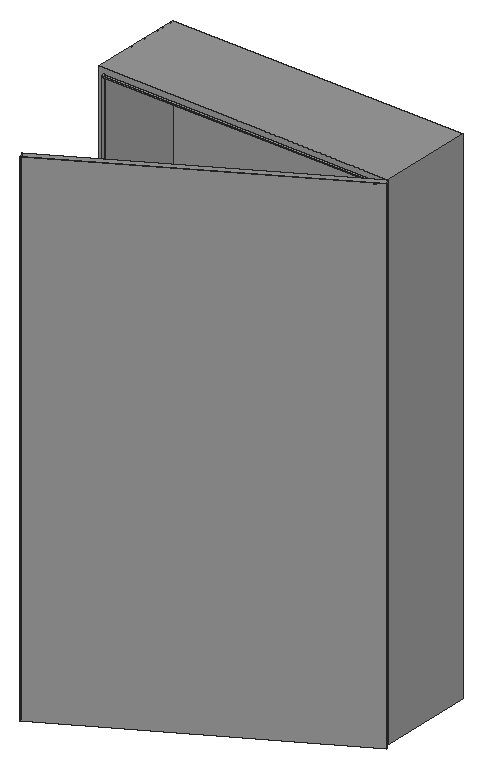
Revit family "Hager-Univers-IP55-D275-H1400-Cl.I-Steel_encl-NoHosted-SE-en", category Equipement électrique, Revit 2020
Family settings
  Configuration du panneau = Deux colonnes, circuits au sein
  Cote de connecteur circulaire = Utiliser le diamètre
  Type d'élément = Tableau de raccordement
  Basée sur le plan de construction = Oui
  Toujours verticalement = Oui
  Couper avec des vides une fois chargée = Non
  Partagée = Non
  Point de calcul de pièce = Non
Parameters (values of type "Surface mounted (plaster) IP55 W800 H1400 D275  - FR93E")
  Width Control [instance] = if([EF000008 - Width] > Min Width, [EF000008 - Width], Min Width)  # 800 mm
  Commentaires du type = [HG000003 - Range]  # "Univers"
  Thickness Door [instance] = if([EF009171 - Material plate thickness door/cover] > 3 mm, 3 mm, [EF009171 - Material plate thickness door/cover])  # 1.5 mm
  Seal Frame Offset [instance] = 17 mm  # constant formula
  Plinth Visibility [instance] = [HG000027 - Plinth height] > 0 mm  # no
  Min Width [instance] = 100 mm  # constant formula
  Min Depth [instance] = (2 * [EF009170 - Material plate thickness cabinet]) + 1 mm  # 4 mm
  Min Height [instance] = 100 mm  # constant formula
  Internal Frame Depth [instance] = (Door System Depth * 0.5)  # 9 mm
  Panel Name [instance] = ""  # (empty or 0)
  Model = ""
  HG000027 - Plinth height = 0 mm
  HG000026 - Floor standing = no
  HG000024 - Bottom section height = 600 mm
  HG000023 - Double section enclosure = no
  HG000016 - Door 3d visibility [instance] = yes
  HG000015 - Clearance visibility [instance] = no
  HG000014 - Door on the right [instance] = yes
  HG000013 - Door on the left [instance] = not([HG000014 - Door on the right])  # no
  HG000012 - Door swing angle [instance] = 30.00°
  HG000010 - Asymmetric doors = no
  HG000009 - Double swing door = no
  HG000006 - Flush mounted = no
  HG000004 - Manufacturer reference = "FR93E"
  HG000003 - Range = "Univers"
  HG000002 - With door or cover = yes
  Frame Offset Bottom [instance] = 10 mm  # constant formula
  Frame Offset [instance] = 15 mm  # constant formula
  EF015940 - Cover with overpressure release = no
  EF011959 - Degree of protection (NEMA) = ""
  EF009554 - Number of openings for flange plates = 6
  EF009212 - Cover model = "EV000116 - Closed"
  EF009171 - Material plate thickness door/cover = 1.5 mm
  EF009170 - Material plate thickness cabinet = 1.5 mm
  EF008873 - Nominal current (In) = 800 A
  EF007800 - Suitable for lightning protection = no
  EF006306 - With lock = no
  EF006244 - Transparent cover/door = no
  EF005474 - Degree of protection (IP) = "EV006420 - IP55"
  EF004464 - Type of door = "EV002646 - Single"
  EF004427 - Number of modules = 324
  EF004293 - Impact strength = "EV008784 - IK10"
  EF003532 - Suitable for outdoor use = no
  EF002950 - Width in number of modular spacings = 24
  EF001613 - Circuit integrity = "EV000494 - None"
  EF001596 - Material housing = "EV000179 - Steel"
  EF001131 - Internal depth = 275 mm
  EF001088 - Extension possible = yes
  EF000437 - Number of conduit inlets = 6
  EF000339 - Type of cover = "EV004216 - Door"
  EF000266 - Number of rows = 9
  EF000218 - Built-in depth = 0 mm
  EF000118 - With mounting plate = no
  EF000116 - RAL-number = "7035"
  EF000049 - Depth = 275 mm
  EF000040 - Height = 1400 mm
  EF000008 - Width = 800 mm
  EF000007 - Colour = "EV000270 - Grey"
  EF000003 - Mounting method = "EV000384 - Surface mounted (plaster)"
  Door System Leaf Tolerance [instance] = 1.5 mm  # constant formula
  Door System Depth [instance] = 18 mm  # constant formula
  Door Height [instance] = Height Control - [HG000027 - Plinth height]  # 1400 mm
  Description = ""
  Default Elevation = 1219.2 mm
  Connector Offset [instance] = Height Control / 2  # 700 mm
  Fabricant = "Hager"  # constant formula
  Height Control [instance] = if([EF000040 - Height] > Min Height, [EF000040 - Height], Min Height)  # 1400 mm
  Depth Control [instance] = if([EF000049 - Depth] > Min Depth, [EF000049 - Depth], Min Depth)  # 275 mm
  Bottom Top Plate Trim [instance] = 1.5 mm  # constant formula
  Plinth height Ctrl [instance] = if([HG000027 - Plinth height] > 0 mm, [HG000027 - Plinth height], 12 mm)  # 12 mm
Types (5, lengths in mm): name | Width Control | HG000010 - Asymmetric doors | HG000009 - Double swing door | HG000004 - Manufacturer reference | EF009554 - Number of openings for flange plates | EF004464 - Type of door | EF004427 - Number of modules | EF000437 - Number of conduit inlets | EF000008 - Width
  Surface mounted (plaster) IP55 W1050 H1400 D275  - FR94E | 1050 | no | yes | "FR94E" | 8 | "EV003602 - Double" | 432 | 8 | 1050
  Surface mounted (plaster) IP55 W1300 H1400 D275  - FR95E | 1300 | yes | yes | "FR95E" | 10 | "EV003602 - Double" | 540 | 10 | 1300
  Surface mounted (plaster) IP55 W300 H1400 D275  - FR91E | 300 | no | no | "FR91E" | 2 | "EV002646 - Single" | 108 | 2 | 300
  Surface mounted (plaster) IP55 W550 H1400 D275  - FR92E | 550 | no | no | "FR92E" | 4 | "EV002646 - Single" | 216 | 4 | 550
  Surface mounted (plaster) IP55 W800 H1400 D275  - FR93E | 800 | no | no | "FR93E" | 6 | "EV002646 - Single" | 324 | 6 | 800
Reference planes
  plane 1 "Center (Front/Back)": y = 0
  plane 2: z = 0
  plane 3 "Center (Left/Right)": x = 0
  plane 4: y = 0
  plane 5: y = 0
  plane 6: z = 0
  plane 7: x = -400
  plane 8: x = 400
  plane 9: x = 398.5
  plane 10: x = -398.5
  plane 11: z = 0
  plane 12: z = 1.5
  plane 13: y = -275
  plane 14: y = -1.5
  plane 15: x = 0
  plane 16: y = -257
  plane 17: y = -273.5
  plane 18: y = -255.5
  plane 19: x = -383.5
  plane 20: x = 383.5
  plane 21: z = 11.5
  plane 22: x = -383
  plane 23: x = 383
  plane 24: z = 0
  plane 25: z = 1400
  plane 26: z = 1400
  plane 27: z = 1383.5
  plane 28: z = 1398.5
Forms (mm)
  Extrusion 1, solid, material "Hager_Steel_RAL7035_Light_Grey", detail levels medium+fine
    sketch origin (-208.679, -4572, 0) x (-1, 0, 0) y (0, -1, 0)
      loop
        line (191.321, -4315) -> (-608.679, -4315) -> (-608.679, -4572) -> (191.321, -4572) -> (191.321, -4315)
    from 0 to 1400
  Extrusion 2, void
    sketch origin (-350.771, -275, 1219.2) x (1, 0, 0) y (0, 0, 1)
      loop
        line (-47.729, 179.3) -> (-47.729, -1217.7) -> (749.271, -1217.7) -> (749.271, 179.3) -> (-47.729, 179.3)
    from -19.5 to -273.5
  Extrusion 3, void
    sketch origin (-290.084, -257, 1219.2) x (1, 0, 0) y (0, 0, 1)
      loop
        line (-93.416, -1207.7) -> (673.584, -1207.7) -> (673.584, 164.3) -> (-93.416, 164.3) -> (-93.416, -1207.7)
    from 0 to -1.5
  Extrusion 4, solid, material "Hager_Steel_RAL7035_Light_Grey", visible <- "Plinth Visibility", detail levels medium+fine
    sketch origin (0, 0, 0) x (1, 0, 0) y (0, 1, 0)
      loop
        line (-400, 0) -> (-400, -257) -> (400, -257) -> (400, 0) -> (-400, 0)
    from 0 to 12 <- "Plinth height Ctrl"
  Extrusion 5, solid, material "Hager_Steel_RAL7035_Light_Grey", detail levels coarse
    sketch origin (0, 0, 0) x (1, 0, 0) y (0, 1, 0)
      loop
        line (-400, 0) -> (-400, -275) -> (400, -275) -> (400, 0) -> (-400, 0)
    from 0 to 1400 <- "Height Control"
  Sweep 6, void
    path in 3D
      loop
        line (-400, -257, 12) -> (400, -257, 12) -> (400, 0, 12) -> (-400, 0, 12) -> (-400, -257, 12)
    profile origin (-400, -128.5, 12) x (1, 0, 0) y (0, 0, 1)
      loop
        line (0, 0) -> (0, -1.5) -> (1.5, -1.5)
        arc (1.5, -1.5) -> (1.061, -0.439) -> (0, 0) r 1.5
  Extrusion 7, solid, material "Hager_Steel_RAL7035_Light_Grey", detail levels fine
    sketch origin (-400, -257, 0) x (1, 0, 0) y (0, 0, 1)
      loop
        line (16.5, 11.5) -> (783.5, 11.5) -> (783.5, 1383.5) -> (16.5, 1383.5) -> (16.5, 11.5)
      loop
        line (15, 10) -> (785, 10) -> (785, 1385) -> (15, 1385) -> (15, 10)
    from 0 to 9 <- "Internal Frame Depth"
Cuts and joins
  Extrusion 2, Extrusion 3 cuts Extrusion 1
  Sweep 6 cuts Extrusion 4
Lines and regions (mm)
  Masking region 1
    outline origin (0, 0, 0) x (1, 0, 0) y (0, 1, 0)
      loop
        line (-400, 0) -> (-400, -275) -> (400, -275) -> (400, 0) -> (-400, 0)
  Masking region 2, detail levels coarse
    outline origin (-290.084, -257, 1219.2) x (-1, 0, 0) y (0, 0, 1)
      loop
        line (-690.084, -1219.2) -> (109.916, -1219.2) -> (109.916, 180.8) -> (-690.084, 180.8) -> (-690.084, -1219.2)
  Masking region 3, detail levels coarse
    outline origin (0, 0, 0) x (0, 1, 0) y (0, 0, 1)
      loop
        line (0, 0) -> (0, 1400) -> (-275, 1400) -> (-275, 0) -> (0, 0)
  Masking region 4, visible <- "Plinth Visibility", detail levels medium+fine
    outline origin (0, 0, 0) x (0, 1, 0) y (0, 0, 1)
      loop
        line (-1.5, 12) -> (-255.5, 12)
        arc (-255.5, 12) -> (-255.939, 10.939) -> (-257, 10.5) r 1.5
        line (-257, 10.5) -> (-257, 0) -> (0, 0) -> (0, 10.5)
        arc (0, 10.5) -> (-1.061, 10.939) -> (-1.5, 12) r 1.5
  Masking region 5, detail levels medium+fine
    outline origin (0, 0, 594.038) x (0, 1, 0) y (0, 0, 1)
      loop
        line (0, -594.038) -> (0, 805.962) -> (-257, 805.962) -> (-257, -594.038) -> (0, -594.038)
  Masking region 6, detail levels medium+fine
    outline origin (-359.7, -257, 1211.883) x (-1, 0, 0) y (0, 0, 1)
      loop
        line (-759.7, -1211.883) -> (40.3, -1211.883) -> (40.3, 188.117) -> (-759.7, 188.117) -> (-759.7, -1211.883)
  Masking region 7, visible <- "Plinth Visibility", detail levels medium+fine
    outline origin (-320.334, -257, 1041.368) x (-1, 0, 0) y (0, 0, 1)
      loop
        line (-720.334, -1041.368) -> (79.666, -1041.368) -> (79.666, -1030.868)
        arc (79.666, -1030.868) -> (78.606, -1030.429) -> (78.166, -1029.368) r 1.5
        line (78.166, -1029.368) -> (-718.834, -1029.368)
        arc (-718.834, -1029.368) -> (-719.273, -1030.429) -> (-720.334, -1030.868) r 1.5
        line (-720.334, -1030.868) -> (-720.334, -1041.368)
  sketch lines
    curve 1: line (-400, 0, 12) -> (-400, -257, 12)
    curve 2: line (-400, -257, 12) -> (400, -257, 12)
    curve 3: line (400, 0, 12) -> (-400, 0, 12)
    curve 4: line (400, -257, 12) -> (400, 0, 12)
Dimensions and locks
  locked: plane 1 "Center (Front/Back)" to plane 5
  "EF009170 - Material plate thickness cabinet": plane 7 to plane 10
  "EF009170 - Material plate thickness cabinet": plane 8 to plane 9
  equal spacing: plane 7, plane 3 "Center (Left/Right)", plane 8
  "Width Control": plane 7 to plane 8
  "Depth Control": plane 4 to plane 13
  "EF009170 - Material plate thickness cabinet": plane 4 to plane 14
  "Height Control": plane 25 to level
  "HG000027 - Plinth height": plane 11 to level
  "EF009170 - Material plate thickness cabinet": plane 12 to plane 11
  "EF009170 - Material plate thickness cabinet": plane 17 to plane 13
  "EF009170 - Material plate thickness cabinet": plane 18 to plane 16
  "Frame Offset Bottom": plane 21 to plane 12
  "Frame Offset": plane 10 to plane 19
  "Frame Offset": plane 9 to plane 20
  "Door System Depth": plane 16 to plane 13
  "Seal Frame Offset": plane 7 to plane 22
  "Seal Frame Offset": plane 8 to plane 23
  "EF009170 - Material plate thickness cabinet": plane 26 to plane 28
  "Frame Offset": plane 28 to plane 27
  "Connector Offset": plane 2 to connector elem
  "Bottom Top Plate Trim": profile plane to Sweep 6 sketch curve
  "Bottom Top Plate Trim": Sweep 6 sketch curve to Sweep 6 sketch curve
  "Plinth height Ctrl": Masking region 4 sketch curve to level
  "Plinth height Ctrl": Masking region 7 sketch curve to level
  "Thickness Door": Extrusion 7 sketch curve to Extrusion 7 sketch curve  (x4)
  "Bottom Top Plate Trim": radius of Sweep 6 sketch curve
  "Bottom Top Plate Trim": radius of Masking region 4 sketch curve  (x2)
  "Bottom Top Plate Trim": radius of Masking region 7 sketch curve  (x2)
  aligned and locked: Extrusion 2 sketch curve to plane 12
  aligned and locked: Extrusion 2 sketch curve to plane 9
  aligned and locked: Extrusion 2 sketch curve to plane 10
  aligned and locked: Extrusion 2 to plane 14
  aligned and locked: Extrusion 1 sketch curve to plane 4
  aligned and locked: plane 8 to Extrusion 1 sketch curve
  aligned and locked: plane 7 to Extrusion 1 sketch curve
  aligned and locked: Extrusion 2 to plane 18
  aligned and locked: Extrusion 3 sketch curve to plane 19
  aligned and locked: plane 20 to Extrusion 3 sketch curve
  aligned and locked: Extrusion 3 to Extrusion 2
  aligned and locked: Extrusion 3 sketch curve to plane 21
  aligned and locked: plane 3 "Center (Left/Right)" to nested 1
  aligned and locked: Extrusion 1 sketch curve to plane 16
  aligned and locked: Extrusion 4 sketch curve to cut or joined group of Extrusion 1, Extrusion 2, Extrusion 3
  aligned and locked: Masking region 1 sketch curve to plane 7
  aligned and locked: Masking region 1 sketch curve to plane 5
  aligned and locked: Masking region 1 sketch curve to plane 8
  aligned and locked: Masking region 2 sketch curve to level
  aligned and locked: level to Masking region 3 sketch curve
  aligned and locked: plane 1 "Center (Front/Back)" to Masking region 3 sketch curve
  aligned and locked: plane 13 to Masking region 3 sketch curve
  aligned and locked: plane 5 to Masking region 4 sketch curve
  aligned and locked: Masking region 2 sketch curve to plane 8
  aligned and locked: Masking region 2 sketch curve to plane 7
  aligned and locked: plane 7 to nested 2
  aligned and locked: nested 2 to plane 5
  aligned and locked: plane 5 to Masking region 5 sketch curve
  aligned and locked: plane 26 to Masking region 5 sketch curve
  aligned and locked: Extrusion 5 sketch curve to plane 8
  aligned and locked: Extrusion 5 sketch curve to plane 7
  aligned and locked: Extrusion 5 sketch curve to plane 5
  aligned and locked: Extrusion 3 sketch curve to plane 27
  aligned and locked: Extrusion 2 sketch curve to plane 28
  aligned and locked: Masking region 2 to plane 25
  aligned and locked: Extrusion 4 to plane 16
  aligned and locked: profile plane to Sweep 6 sketch curve
  aligned and locked: Masking region 5 sketch curve to plane 24
  aligned and locked: level to Masking region 4 sketch curve
  aligned and locked: Masking region 1 to plane 13
  aligned and locked: nested 1 to plane 16
  aligned and locked: Masking region 3 to plane 25
  aligned and locked: plane 16 to Masking region 4 sketch curve
  aligned and locked: Masking region 5 sketch curve to plane 16
  aligned and locked: plane 24 to plane 11
  aligned and locked: plane 26 to plane 25
  aligned and locked: plane 26 to cut or joined group of Extrusion 1, Extrusion 2, Extrusion 3
  aligned and locked: nested 1 to plane 24
  aligned and locked: Extrusion 1 to Extrusion 3
  aligned and locked: Masking region 6 sketch curve to plane 8
  aligned and locked: Masking region 6 sketch curve to plane 24
  aligned and locked: Masking region 6 sketch curve to plane 7
  aligned and locked: Masking region 6 sketch curve to plane 26
  aligned and locked: Masking region 7 sketch curve to plane 7
  aligned and locked: level to Masking region 7 sketch curve
  aligned and locked: Masking region 7 sketch curve to plane 8
  aligned and locked: Extrusion 7 sketch curve to cut or joined group of Extrusion 1, Extrusion 2, Extrusion 3  (x4)
Automatic sketch dimensions
  plane 19 to Extrusion 3 sketch curve = 0 mm
  Extrusion 3 sketch curve to plane 20 = 0 mm
  Extrusion 3 sketch curve to plane 21 = 0 mm
  Extrusion 4 sketch curve to plane 7 = 0 mm
  Extrusion 4 sketch curve to plane 8 = 0 mm
  Extrusion 4 sketch curve to plane 16 = 0 mm
  Masking region 1 sketch curve to plane 13 = 0 mm
  Masking region 2 sketch curve to plane 25 = 0 mm
  Masking region 3 sketch curve to plane 25 = 0 mm
  Extrusion 5 sketch curve to plane 13 = 0 mm
  profile plane to Sweep 6 sketch curve = 0 mm
Nested families
  nested 1: "EC000058_Univers_Door" at (0, -257, 0), Double <- "HG000009 - Double swing door", Transparent <- "EF006244 - Transparent cover/door", Angle <- "HG000012 - Door swing angle", Door_Right <- "HG000014 - Door on the right", Assymetrical <- "HG000010 - Asymmetric doors", Door <- "HG000002 - With door or cover", Width_Ctrl <- "Width Control", 3d_Door <- "HG000016 - Door 3d visibility", Clearance <- "HG000015 - Clearance visibility", Door_Left <- "HG000013 - Door on the left", Width <- "Width Control", Door_Depth <- "Door System Depth", Leaf_Tolerance <- "Door System Leaf Tolerance", Height <- "Door Height", Lock_Visibility <- "EF006306 - With lock", Thickness <- "Thickness Door", type "EC000058_Univers_Door", detail levels medium+fine
    with min_wh 4 mm, Width_Ctrl 800 mm, Width 800 mm, Transparent no, Thickness 1.5 mm, Seal_Material Hager_Rubber, Lock_Visibility no, Lock_Material Hager_Plastic_RAL9005_Jet_Black, Leaf_Width 800 mm, Leaf_Tolerance_External_Sides 0 mm, Leaf_Tolerance 1.5 mm, Leaf_Offset 0 mm, Leaf_Height 1397 mm, Leaf_2_Width 800 mm, Leaf_2_Offset 400 mm, Leaf_1_Width 800 mm, Leaf_1_Offset 400 mm, Height_Ctrl 1400 mm, Height 1400 mm, Glass_Material Hager_Glass, Double_Clearance_Ctrl no, Double no, Door_Right_Ctrl yes, Door_Right yes, Door_Material Hager_Steel_RAL7035_Light_Grey, Door_Left_Ctrl no, Door_Left no, Door_Depth 18 mm, Door yes, Clearance_Material Hager_Clearance, Clearance_Depth 800 mm, Clearance_Ctrl no, Clearance no, Assymetrical no, Angle 30.00°, 3d_Door yes
  nested 2: "Hager_Enclosure_Symbol" at (-400, 0, 0), Height <- "Depth Control", Width <- "Width Control", type "Hager_Enclosure_Symbol"
    with Width_Ctrl 800 mm, Width 800 mm, Height_Ctrl 275 mm, Height 275 mm, A_Width_Int 18.047 mm, A_Width 216.562 mm, A_Height_Ctrl 240.625 mm, A_Height 240.625 mm
Connectors
  electrical at (0, 0, 700)
    settings: on plane 1 "Center (Front/Back)", index 1, voltage 0 V, apparent load 0 VA, apparent load phase1 0 VA, apparent load phase2 0 VA, apparent load phase3 0 VA, power factor 1, load classification "Other", number of poles 1, system type 30, power factor state 1, is connector primary yes, connector utility no, sub classification motor no, connector description ""
Definition of nested family "EC000058_Univers_Door"
  Parameters (values of type "EC000058_Univers_Door")
    min_wh [instance] = (2 * Thickness) + 1 mm  # 11 mm
    Width_Ctrl [instance] = 400 mm
    Width [instance] = 500 mm
    Transparent [instance] = yes
    Thickness [instance] = 5 mm
    Seal_Material [instance] = none
    Lock_Visibility [instance] = yes
    Lock_Material [instance] = none
    Leaf_Width [instance] = if((Width_Ctrl - 2 * Leaf_Tolerance_External_Sides) > 0 mm, (Width_Ctrl - 2 * Leaf_Tolerance_External_Sides), min_wh)  # 400 mm
    Leaf_Tolerance_External_Sides [instance] = 0 mm  # constant formula
    Leaf_Tolerance [instance] = 1.5 mm
    Leaf_Offset [instance] = 0 mm  # constant formula
    Leaf_Height [instance] = if((Height_Ctrl - 2 * Leaf_Tolerance) > 0 mm, (Height_Ctrl - 2 * Leaf_Tolerance), min_wh)  # 497 mm
    Leaf_2_Width [instance] = if(and(and(Double, Assymetrical), Door_Left), (Leaf_Width / 3) - (Leaf_Tolerance / 2), if(and(and(Double, Assymetrical), Door_Right), (Leaf_Width / 3) * 2 - (Leaf_Tolerance / 2), if(and(Double, not(Assymetrical)), (Leaf_Width / 2) - Leaf_Tolerance, Leaf_Width)))  # 400 mm
    Leaf_2_Offset [instance] = if(and(Double, Assymetrical), Leaf_2_Width / 2, if(and(Double, not(Assymetrical)), Leaf_Width / 4, Leaf_Width / 2))  # 200 mm
    Leaf_1_Width [instance] = if(and(and(Double, Assymetrical), Door_Right), (Leaf_Width / 3) - (Leaf_Tolerance / 2), if(and(and(Double, Assymetrical), Door_Left), (Width / 3) * 2 - (Leaf_Tolerance / 2), if(and(Double, not(Assymetrical)), (Leaf_Width / 2) - Leaf_Tolerance, Leaf_Width)))  # 400 mm
    Leaf_1_Offset [instance] = if(and(Double, Assymetrical), Leaf_1_Width / 2, if(and(Double, not(Assymetrical)), Leaf_Width / 4, Leaf_Width / 2))  # 200 mm
    Height_Ctrl [instance] = if(Height > min_wh, Height, min_wh)  # 500 mm
    Height [instance] = 500 mm
    Glass_Material [instance] = none
    Double_Clearance_Ctrl [instance] = and(Double, Clearance)  # no
    Double [instance] = no
    Door_Right_Ctrl [instance] = and(or(Door_Right, Double), Door)  # yes
    Door_Right [instance] = yes
    Door_Material [instance] = none
    Door_Left_Ctrl [instance] = and(or(Door_Left, Double), Door)  # no
    Door_Left [instance] = no
    Door_Depth [instance] = 30 mm
    Door [instance] = yes
    Default Elevation = 1219.2 mm
    Clearance_Material [instance] = none
    Clearance_Depth [instance] = if(Leaf_1_Width > Leaf_2_Width, Leaf_1_Width, Leaf_2_Width)  # 400 mm
    Clearance_Ctrl [instance] = and(not(Double), Clearance)  # yes
    Clearance [instance] = yes
    Assymetrical [instance] = yes
    Angle [instance] = 30.00°
    3d_Door [instance] = yes
  Reference planes
    plane 1 "Center (Front/Back)": y = 0
    plane 2 "Bottom": z = 0
    plane 3 "Center (Left/Right)": x = 0
    plane 4: z = 500
    plane 5: x = -200
    plane 6: x = 200
    plane 7: z = 500
    plane 8: x = -200
    plane 9: z = 0
    plane 10: x = 200
    plane 11: y = 0
    plane 12: z = 1.5
    plane 13: x = -600
    plane 14: y = -400
    plane 15: x = 600
    plane 16: x = 0
    plane 17: x = 0
    plane 18: x = -200
    plane 19: x = 200
    plane 20: z = 498.5
  Forms (mm)
    Extrusion 1, solid, material <- "Clearance_Material", visible <- "Double_Clearance_Ctrl"
      sketch origin (1200, 0, 0) x (1, 0, 0) y (0, 0, -1)
        loop
          line (-1800, -498.5) -> (-600, -498.5) -> (-600, 0) -> (-1800, 0) -> (-1800, -498.5)
      from 0 to -400
  Dimensions and locks
    equal spacing: plane 5, plane 3 "Center (Left/Right)", plane 6
    "Width_Ctrl": plane 5 to plane 6
    "Leaf_Offset": plane 5 to plane 8
    "Leaf_Offset": plane 6 to plane 10
    "Leaf_Offset": plane 9 to level
    "Leaf_Offset": plane 4 to plane 7
    "Height_Ctrl": plane 4 to level
    "Leaf_Tolerance": plane 12 to plane 9
    locked: plane 11 to plane 1 "Center (Front/Back)"
    "Leaf_1_Offset": plane 18 to plane 16
    "Leaf_2_Offset": plane 17 to plane 19
    "Leaf_1_Width": plane 13 to plane 8
    "Leaf_2_Width": plane 10 to plane 15
    "Clearance_Depth": plane 14 to plane 1 "Center (Front/Back)"
    "Leaf_Tolerance_External_Sides": plane 8 to plane 18
    "Leaf_Tolerance_External_Sides": plane 19 to plane 10
    "Leaf_Tolerance": plane 7 to plane 20
    aligned and locked: level to plane 2 "Bottom"
    aligned and locked: nested 1 to plane 16
    aligned and locked: nested 2 to plane 17
    aligned and locked: Extrusion 1 to plane 13
    aligned and locked: plane 15 to Extrusion 1
    aligned and locked: Extrusion 1 to plane 14
    aligned and locked: plane 12 to nested 1
    aligned and locked: nested 2 to plane 12
    aligned and locked: Extrusion 1 to plane 11
    aligned and locked: plane 20 to Extrusion 1
    aligned and locked: nested 2 to plane 11
    aligned and locked: nested 1 to plane 11
  Automatic sketch dimensions
    Extrusion 1 sketch curve to level = 0 mm
    plane 5 to Extrusion 1 sketch curve = 400 mm
    plane 6 to Extrusion 1 sketch curve = 400 mm
    Extrusion 1 sketch curve to plane 4 = 1.5 mm
  Nested families
    nested 1: "EC000058_Univers_Door_Leaf" at (0, 0, 1.5), Width <- "Leaf_1_Width", visible <- "Door_Left_Ctrl", Leaf_Height <- "Leaf_Height", Angle <- "Angle", 3d_Door <- "3d_Door", Transparent <- "Transparent", Clearance Material <- "Clearance_Material", Clearance <- "Clearance_Ctrl", Door_Material <- "Door_Material", Glass_Material <- "Glass_Material", Door_Depth <- "Door_Depth", Lock_Material <- "Lock_Material", Seal_Material <- "Seal_Material", Lock_Visibility <- "Lock_Visibility", Thickness <- "Thickness", type "EC000058_Univers_Door_Leaf"
      with Width 400 mm, Transparent_Glass_Offset 30 mm, Transparent_Ctrl yes, Transparent yes, Thickness 5 mm, Standard no, Seal_Material none, Seal_D2 8 mm, Seal_D1 1 mm, Offset_Internal_Frame 10 mm, Lock_Width 20 mm, Lock_Visibility_3d yes, Lock_Visibility yes, Lock_Thickness_3 3 mm, Lock_Thickness_2 1 mm, Lock_Thickness_1 3 mm, Lock_Radius_Offset_2 16 mm, Lock_Radius_Offset_1 15 mm, Lock_Radius_2 5 mm, Lock_Radius 6 mm, Lock_Offset 5 mm, Lock_Material none, Lock_Height 80 mm, Lock_Cover_Top_Offset_2d 17 mm, Lock_Cover_Height -65 mm, Leaf_Height 497 mm, Internal_Seal_Thickness 8 mm, Internal_Seal_Depth_2 4.5 mm, Internal_Frame_Depth 25 mm, Glass_Thickness -1 mm, Glass_Offset -2 mm, Glass_Material none, Door_Material none, Door_Depth 30 mm, Clearance Material none, Clearance yes, Angle_Ctrl 30.00°, Angle 30.00°, 3d_Door yes
    nested 2: "EC000058_Univers_Door_Leaf" at (0, 0, 1.5) x (-1, 0, 0) z (0, 0, 1), Width <- "Leaf_2_Width", visible <- "Door_Right_Ctrl", Leaf_Height <- "Leaf_Height", Angle <- "Angle", 3d_Door <- "3d_Door", Transparent <- "Transparent", Clearance Material <- "Clearance_Material", Clearance <- "Clearance_Ctrl", Door_Material <- "Door_Material", Glass_Material <- "Glass_Material", Door_Depth <- "Door_Depth", Lock_Material <- "Lock_Material", Seal_Material <- "Seal_Material", Lock_Visibility <- "Lock_Visibility", Thickness <- "Thickness", type "EC000058_Univers_Door_Leaf"
      with Width 400 mm, Transparent_Glass_Offset 30 mm, Transparent_Ctrl yes, Transparent yes, Thickness 5 mm, Standard no, Seal_Material none, Seal_D2 8 mm, Seal_D1 1 mm, Offset_Internal_Frame 10 mm, Lock_Width 20 mm, Lock_Visibility_3d yes, Lock_Visibility yes, Lock_Thickness_3 3 mm, Lock_Thickness_2 1 mm, Lock_Thickness_1 3 mm, Lock_Radius_Offset_2 16 mm, Lock_Radius_Offset_1 15 mm, Lock_Radius_2 5 mm, Lock_Radius 6 mm, Lock_Offset 5 mm, Lock_Material none, Lock_Height 80 mm, Lock_Cover_Top_Offset_2d 17 mm, Lock_Cover_Height -65 mm, Leaf_Height 497 mm, Internal_Seal_Thickness 8 mm, Internal_Seal_Depth_2 4.5 mm, Internal_Frame_Depth 25 mm, Glass_Thickness -1 mm, Glass_Offset -2 mm, Glass_Material none, Door_Material none, Door_Depth 30 mm, Clearance Material none, Clearance yes, Angle_Ctrl 30.00°, Angle 30.00°, 3d_Door yes
  Definition of nested family "EC000058_Univers_Door_Leaf"
    Parameters (values of type "EC000058_Univers_Door_Leaf")
      Width [instance] = 2000 mm
      Transparent_Glass_Offset [instance] = 30 mm
      Transparent_Ctrl [instance] = and(Transparent, [3d_Door])  # yes
      Transparent [instance] = yes
      Thickness [instance] = 5 mm
      Standard [instance] = and(not(Transparent), [3d_Door])  # no
      Seal_Material [instance] = none
      Seal_D2 [instance] = 8 mm  # constant formula
      Seal_D1 [instance] = 1 mm  # constant formula
      Offset_Internal_Frame [instance] = 10 mm  # constant formula
      Lock_Width [instance] = 20 mm  # constant formula
      Lock_Visibility_3d [instance] = and(Lock_Visibility, [3d_Door])  # yes
      Lock_Visibility [instance] = yes
      Lock_Thickness_3 [instance] = 3 mm  # constant formula
      Lock_Thickness_2 [instance] = 1 mm  # constant formula
      Lock_Thickness_1 [instance] = 3 mm  # constant formula
      Lock_Radius_Offset_2 [instance] = Lock_Radius_Offset_1 + 1 mm  # 16 mm
      Lock_Radius_Offset_1 [instance] = 15 mm  # constant formula
      Lock_Radius_2 [instance] = Lock_Radius - 1 mm  # 5 mm
      Lock_Radius [instance] = 6 mm  # constant formula
      Lock_Offset [instance] = 5 mm  # constant formula
      Lock_Material [instance] = none
      Lock_Height [instance] = 80 mm  # constant formula
      Lock_Cover_Top_Offset_2d [instance] = Lock_Radius_Offset_2 + 1 mm  # 17 mm
      Lock_Cover_Height [instance] = -(Lock_Height - Lock_Radius_Offset_1)  # -65 mm
      Leaf_Height [instance] = 2720.336 mm
      Internal_Seal_Thickness [instance] = 8 mm  # constant formula
      Internal_Seal_Depth_2 [instance] = 4.5 mm  # constant formula
      Internal_Frame_Depth [instance] = if(Door_Depth - Thickness > 5 mm, Door_Depth - Thickness, 5 mm)  # 25 mm
      Glass_Thickness [instance] = if(Thickness > 15 mm, Glass_Offset + 10 mm, -1 mm)  # -1 mm
      Glass_Offset [instance] = if(Thickness > 15 mm, -(Thickness + 10 mm) / 2, -2 mm)  # -2 mm
      Glass_Material [instance] = none
      Door_Material [instance] = none
      Door_Depth [instance] = 30 mm
      Default Elevation = 0 mm
      Clearance Material [instance] = none
      Clearance [instance] = yes
      Angle_Ctrl [instance] = if(Angle > 180.00°, 180.00°, Angle)  # 90.00°
      Angle [instance] = 90.00°
      3d_Door [instance] = yes
    Reference planes
      plane 1 "Center (Front/Back)": y = 0
      plane 2: z = 0
      plane 3 "Center (Left/Right)": x = 0
      plane 4: y = 2000
      plane 5: x = -1000
      plane 6: x = 1000
      plane 7: x = -3000
      plane 8: z = 2720.336
      plane 9: z = 30
      plane 10: z = 2690.336
      plane 11: x = 970
      plane 12: x = -970
      plane 13: y = -3
      plane 14: z = 107.833
      plane 15: y = -5
      plane 16: y = -223.314
      plane 17: x = -1000
      plane 18: z = 1360.168
      plane 19: y = 30
    Forms (mm)
      Extrusion 1, solid, material <- "Clearance Material", visible <- "Clearance"
        sketch origin (0, 0, 0) x (1, 0, 0) y (0, 0, 1)
          loop
            line (-3000, 2720.336) -> (-3000, 0) -> (1000, 0) -> (1000, 2720.336) -> (-3000, 2720.336)
        from 0 to -2000
      Extrusion 2, solid, material <- "Door_Material", visible <- "Standard", detail levels medium+fine
        sketch origin (-1000, 0, 0) x (0, 1, 0) y (-1, 0, 0)
          loop
            line (0, 30) -> (0, 25) -> (2000, 25) -> (2000, 30) -> (0, 30)
        from 0 to 2720.336 <- "Leaf_Height"
      Extrusion 3, solid, material <- "Door_Material", visible <- "Transparent_Ctrl", detail levels medium+fine
        sketch origin (-1000, 0, 0) x (0, 1, 0) y (-1, 0, 0)
          loop
            line (0, 25) -> (2000, 25) -> (2000, 30) -> (0, 30) -> (0, 25)
        from 0 to 2720.336 <- "Leaf_Height"
      Extrusion 4, void
        sketch origin (-1025, 2000, 0) x (0, 1, 0) y (0, 0, -1)
          loop
            line (-30, -2690.336) -> (-30, -30) -> (-1970, -30) -> (-1970, -2690.336) -> (-30, -2690.336)
        from 0 to 5 <- "Thickness"
      Sweep 5, solid, material <- "Seal_Material", visible <- "Transparent_Ctrl", detail levels fine
        path in 3D
          loop
            line (-1025, 30, 30) -> (-1025, 30, 2690.336) -> (-1025, 1970, 2690.336) -> (-1025, 1970, 30) -> (-1025, 30, 30)
        profile origin (-1025, 1000, 30) x (1, 0, 0) y (0, 0, 1)
          loop
            line (0, 0) -> (0, -8) -> (1, -8) -> (1, 0) -> (0, 0)
      Extrusion 6, solid, material <- "Glass_Material", visible <- "Transparent_Ctrl", detail levels medium+fine
        sketch origin (-1030, 0, 0) x (0, 1, 0) y (0, 0, -1)
          loop
            line (1970, -2690.336) -> (1970, -30) -> (30, -30) -> (30, -2690.336) -> (1970, -2690.336)
        from -2 <- "Glass_Offset" to -1 <- "Glass_Thickness"
      Extrusion 7, solid, material <- "Door_Material", visible <- "3d_Door", detail levels medium+fine
        sketch origin (-1025, 2000, 0) x (0, -1, 0) y (0, 0, -1)
          loop
            line (0, -2720.336) -> (2000, -2720.336) -> (2000, 0) -> (0, 0) -> (0, -2720.336)
          loop
            line (1995, -5) -> (5, -5) -> (5, -2715.336) -> (1995, -2715.336) -> (1995, -5)
        from 0 to 25 <- "Internal_Frame_Depth"
      Sweep 8, solid, material <- "Seal_Material", visible <- "Transparent_Ctrl", detail levels fine
        path in 3D
          loop
            line (-1025, 0, 0) -> (-1025, 2000, 0) -> (-1025, 2000, 2720.336) -> (-1025, 0, 2720.336) -> (-1025, 0, 0)
        profile origin (-1025, 0, 1360.168) x (1, 0, 0) y (0, 1, 0)
          loop
            line (0, 10) -> (2.975, 10)
            arc (2.975, 10) -> (4.053, 10.447) -> (4.5, 11.525) r 1.525
            line (4.5, 11.525) -> (4.5, 16.527)
            arc (4.5, 16.527) -> (4.069, 17.569) -> (3.027, 18) r 1.473
            line (3.027, 18) -> (0, 18) -> (0, 10)
      Extrusion 9, solid, material <- "Lock_Material", visible <- "Lock_Visibility_3d", detail levels fine
        sketch origin (-1030, 0, 0) x (0, 1, 0) y (0, 0, -1)
          loop
            arc (1993.5, -1400.168) -> (1994.561, -1399.729) -> (1995, -1398.668) r 1.5
            line (1995, -1398.668) -> (1995, -1320.168) -> (1975, -1320.168) -> (1975, -1398.668)
            arc (1975, -1398.668) -> (1975.439, -1399.729) -> (1976.5, -1400.168) r 1.5
            line (1976.5, -1400.168) -> (1993.5, -1400.168)
        from 3 <- "Lock_Thickness_1" to 0
      Blend 10, solid, material <- "Lock_Material", visible <- "Lock_Visibility_3d", detail levels fine
        base sketch origin (-1033, 0, 0) x (0, 1, 0) y (0, 0, -1)
          loop
            line (1975, -1320.168) -> (1975, -1398.668)
            arc (1975, -1398.668) -> (1975.439, -1399.729) -> (1976.5, -1400.168) r 1.5
            line (1976.5, -1400.168) -> (1993.5, -1400.168)
            arc (1993.5, -1400.168) -> (1994.561, -1399.729) -> (1995, -1398.668) r 1.5
            line (1995, -1398.668) -> (1995, -1320.168) -> (1975, -1320.168)
        top sketch origin (-1033, 0, 0) x (0, 1, 0) y (0, 0, -1)
          loop
            line (1976, -1320.168) -> (1976, -1398.668)
            arc (1976, -1398.668) -> (1976.146, -1399.022) -> (1976.5, -1399.168) r 0.5
            line (1976.5, -1399.168) -> (1993.5, -1399.168)
            arc (1993.5, -1399.168) -> (1993.854, -1399.022) -> (1994, -1398.668) r 0.5
            line (1994, -1398.668) -> (1994, -1320.168) -> (1976, -1320.168)
        from 0 to 1 <- "Lock_Thickness_2"
      Blend 11, solid, material <- "Lock_Material", visible <- "Lock_Visibility_3d", detail levels fine
        base sketch origin (-1034, 0, 0) x (0, 1, 0) y (0, 0, -1)
          loop
            line (1978, -1320.168) -> (1978, -1384.168)
            arc (1978, -1384.168) -> (1985, -1391.168) -> (1992, -1384.168) r 7
            line (1992, -1384.168) -> (1992, -1320.168) -> (1978, -1320.168)
        top sketch origin (-1034, 0, 0) x (0, 1, 0) y (0, 0, -1)
          loop
            line (1991, -1320.168) -> (1979, -1320.168) -> (1979, -1383.168)
            arc (1979, -1383.168) -> (1985, -1389.168) -> (1991, -1383.168) r 6
            line (1991, -1383.168) -> (1991, -1320.168)
        from 0 to 3 <- "Lock_Thickness_3"
      Extrusion 12, solid, material <- "Lock_Material", visible <- "Lock_Visibility_3d", detail levels fine
        sketch origin (-1030, 1975, 1320.168) x (1, 0, 0) y (0, -1, 0)
          loop
            line (-7, -19) -> (-7, -1) -> (0, -1) -> (0, 0) -> (-8, 0) -> (-8, -20) -> (0, -20) -> (0, -19) -> (-7, -19)
        from 0 to -65 <- "Lock_Cover_Height"
      Extrusion 13, void
        sketch origin (-1038, 1995, 1320.168) x (-1, 0, 0) y (0, 0, -1)
          loop
            line (-5, -65) -> (0, -65) -> (-5, -60) -> (-5, -65)
        from 0 to 20 <- "Lock_Width"
      Extrusion 14, void
        sketch origin (-1038, 1975, 1320.168) x (0, -1, 0) y (0, 0, -1)
          loop
            circle (-10, -15.995) r 6
          loop
            circle (-10, -15.995) r 5
        from 0 to 2
      Extrusion 15, solid, material <- "Lock_Material", visible <- "Lock_Visibility_3d", detail levels medium
        sketch origin (-1030, 0, 0) x (0, 1, 0) y (0, 0, -1)
          loop
            arc (1993.5, -1400.168) -> (1994.561, -1399.729) -> (1995, -1398.668) r 1.5
            line (1995, -1398.668) -> (1995, -1320.168) -> (1975, -1320.168) -> (1975, -1398.668)
            arc (1975, -1398.668) -> (1975.439, -1399.729) -> (1976.5, -1400.168) r 1.5
            line (1976.5, -1400.168) -> (1993.5, -1400.168)
        from 8 to 0
    Cuts and joins
      Extrusion 4 cuts Extrusion 3
      Extrusion 13, Extrusion 14 cuts Extrusion 9
      Extrusion 14 cuts Blend 11
      Extrusion 13, Extrusion 14 cuts Extrusion 12
      joined: Extrusion 9, Blend 10, Blend 11, Extrusion 12
      Extrusion 14 cuts Extrusion 15
    Lines and regions (mm)
      Masking region 1, visible <- "Lock_Visibility", detail levels fine
        outline origin (0, 0, 0) x (0, 1, 0) y (0, 0, 1)
          loop
            line (30, 1320.168) -> (33, 1320.168) -> (33, 1400.168) -> (30, 1400.168) -> (30, 1320.168)
      Masking region 2, visible <- "Lock_Visibility", detail levels fine
        outline origin (0, 3.143, 0) x (0, 1, 0) y (0, 0, 1)
          loop
            line (29.857, 1354.168) -> (30.857, 1354.168) -> (30.857, 1366.168) -> (29.857, 1366.168) -> (29.857, 1354.168)
      Masking region 3, detail levels medium+fine
        outline origin (0, 0, 0) x (0, 1, 0) y (0, 0, 1)
          loop
            line (0, 0) -> (30, 0) -> (30, 2720.336) -> (0, 2720.336) -> (0, 0)
      Masking region 4, detail levels medium+fine
        outline origin (0, 0, 0) x (1, 0, 0) y (0, 0, 1)
          loop
            line (-1000, 2720.336) -> (-1000, 0) -> (1000, 0) -> (1000, 2720.336) -> (-1000, 2720.336)
      Masking region 5, visible <- "Lock_Visibility", detail levels fine
        outline origin (-47.116, 0, 0) x (1, 0, 0) y (0, 0, 1)
          loop
            arc (1024.616, 1399.168) -> (1023.556, 1398.729) -> (1023.116, 1397.668) r 1.5
            line (1023.116, 1397.668) -> (1023.116, 1320.168) -> (1041.116, 1320.168) -> (1041.116, 1397.668)
            arc (1041.116, 1397.668) -> (1040.677, 1398.729) -> (1039.616, 1399.168) r 1.5
            line (1039.616, 1399.168) -> (1024.616, 1399.168)
      Masking region 6, visible <- "Lock_Visibility", detail levels medium+fine
        outline origin (-25, 0, 0) x (1, 0, 0) y (0, 0, 1)
          loop
            arc (1001.5, 1400.168) -> (1000.439, 1399.729) -> (1000, 1398.668) r 1.5
            line (1000, 1398.668) -> (1000, 1320.168) -> (1020, 1320.168) -> (1020, 1398.668)
            arc (1020, 1398.668) -> (1019.561, 1399.729) -> (1018.5, 1400.168) r 1.5
            line (1018.5, 1400.168) -> (1001.5, 1400.168)
      Masking region 7, visible <- "Lock_Visibility", detail levels fine
        outline origin (-73.735, 0, 0) x (1, 0, 0) y (0, 0, 1)
          loop
            line (1051.735, 1382.168) -> (1065.735, 1382.168) -> (1065.735, 1384.168)
            arc (1065.735, 1384.168) -> (1058.735, 1391.168) -> (1051.735, 1384.168) r 7
            line (1051.735, 1384.168) -> (1051.735, 1382.168)
      Masking region 8, visible <- "Lock_Visibility", detail levels fine
        outline origin (-73.735, 0, 0) x (1, 0, 0) y (0, 0, 1)
          loop
            line (1052.735, 1382.168) -> (1064.735, 1382.168) -> (1064.735, 1383.168)
            arc (1064.735, 1383.168) -> (1058.735, 1389.168) -> (1052.735, 1383.168) r 6
            line (1052.735, 1383.168) -> (1052.735, 1382.168)
      Masking region 9, visible <- "Lock_Visibility", detail levels fine
        outline origin (-25, 0, 0) x (1, 0, 0) y (0, 0, 1)
          loop
            line (1020, 1320.168) -> (1020, 1382.168) -> (1000, 1382.168) -> (1000, 1320.168) -> (1020, 1320.168)
      Masking region 10, detail levels medium+fine
        outline origin (0, 0, 0) x (1, 0, 0) y (0, 0, 1)
          loop
            circle (985, 1335.144) r 6
      Masking region 11, detail levels fine
        outline origin (0, 0, 0) x (1, 0, 0) y (0, 0, 1)
          loop
            circle (985, 1335.144) r 5
      Masking region 12, visible <- "Lock_Visibility", detail levels fine
        outline origin (0, 12.767, 0) x (0, 1, 0) y (0, 0, 1)
          loop
            line (20.233, 1320.168) -> (21.233, 1320.168) -> (21.233, 1399.168) -> (20.233, 1400.168) -> (20.233, 1320.168)
      Masking region 13, visible <- "Lock_Visibility", detail levels fine
        outline origin (0, 13.767, -10) x (0, 1, 0) y (0, 0, 1)
          loop
            line (20.233, 1330.168) -> (23.233, 1330.168) -> (23.233, 1399.168) -> (20.233, 1402.168) -> (20.233, 1330.168)
      Masking region 14, visible <- "Lock_Visibility", detail levels fine
        outline origin (0, 12.767, -10) x (0, 1, 0) y (0, 0, 1)
          loop
            line (20.233, 1330.168) -> (25.233, 1330.168) -> (25.233, 1399.305) -> (20.233, 1394.305) -> (20.233, 1330.168)
      Masking region 15, visible <- "Lock_Visibility", detail levels medium
        outline origin (0, 0, 0) x (0, 1, 0) y (0, 0, 1)
          loop
            line (30, 1320.168) -> (38, 1320.168) -> (38, 1400.168) -> (30, 1400.168) -> (30, 1320.168)
      Masking region 16, visible <- "Lock_Visibility", detail levels fine
        outline origin (-1000, 0, 0) x (0, 1, 0) y (-1, 0, 0)
          loop
            line (1975, 30) -> (1995, 30) -> (1995, 38) -> (1975, 38) -> (1975, 30)
          loop
            line (1979, 37) -> (1976, 37) -> (1976, 34) -> (1978, 34) -> (1979, 37)
          loop
            line (1994, 37) -> (1991, 37) -> (1992, 34) -> (1994, 34) -> (1994, 37)
      Masking region 17, visible <- "Lock_Visibility", detail levels medium
        outline origin (-1000, 0, 0) x (0, 1, 0) y (-1, 0, 0)
          loop
            line (1975, 30) -> (1995, 30) -> (1995, 38) -> (1975, 38) -> (1975, 30)
      symbolic lines
        curve 1: line (1000, 0, 0) -> (-3000, 0, 0)
        curve 2: arc (1000, 0, 0) -> (-1000, 2000, 0) -> (-3000, 0, 0) r 2000
        curve 4: line (-1030, 0, 0) -> (-1030, 2000, 0)
      reference lines
        curve 3: line (-1000, 0, 0) -> (-1000, 2000, 0)
      symbolic lines, detail levels medium+fine
        curve 5: line (-1030, 2000, 0) -> (-1025, 2000, 0)
        curve 7: line (-1025, 0, 0) -> (-1030, 0, 0)
        curve 8: line (-1025, 0, 0) -> (-1000, 0, 0)
        curve 9: line (-1000, 0, 0) -> (-1000, 2000, 0)
        curve 10: line (-1000, 2000, 0) -> (-1025, 2000, 0)
      symbolic lines, detail levels fine
        curve 6: line (-1025, 2000, 0) -> (-1025, 0, 0)
      sketch lines
        curve 11: line (-1025, 0, 2720.336) -> (-1025, 0, 0)
        curve 12: line (-1025, 2000, 0) -> (-1025, 0, 0)
        curve 13: line (-1025, 2000, 2720.336) -> (-1025, 2000, 0)
        curve 14: line (-1025, 0, 2720.336) -> (-1025, 2000, 2720.336)
        curve 15: line (-1025, 1970, 30) -> (-1025, 30, 30)
        curve 16: line (-1025, 30, 30) -> (-1025, 30, 2690.336)
        curve 17: line (-1025, 1970, 2690.336) -> (-1025, 1970, 30)
        curve 18: line (-1025, 30, 2690.336) -> (-1025, 1970, 2690.336)
      symbolic lines, visible <- "Transparent", detail levels medium+fine
        curve 19: line (-970, 0, 2690.336) -> (970, 0, 2690.336)
        curve 20: line (-970, 0, 30) -> (-970, 0, 2690.336)
        curve 21: line (970, 0, 30) -> (-970, 0, 30)
        curve 22: line (970, 0, 2690.336) -> (970, 0, 30)
    Dimensions and locks
      "Width": plane 1 "Center (Front/Back)" to plane 4
      equal spacing: plane 5, plane 3 "Center (Left/Right)", plane 6
      "Width": plane 5 to plane 6
      "Width": plane 7 to plane 5
      "Leaf_Height": plane 8 to level
      "Width": curve 5 to curve 3
      "Width": curve 3 to curve 3
      plane 8 to plane 10 = 30 mm
      plane 9 to level = 30 mm
      plane 12 to plane 5 = 30 mm
      plane 6 to plane 11 = 30 mm
      Extrusion 1 to Extrusion 4 sketch curve = 30 mm
      "Transparent_Glass_Offset": curve 3 to Extrusion 4 sketch curve
      "Transparent_Glass_Offset": Extrusion 4 sketch curve to cut or joined group of Extrusion 3, Extrusion 4  (x2)
      cut or joined group of Extrusion 3, Extrusion 4 to Extrusion 6 sketch curve = 30 mm
      "Transparent_Glass_Offset": cut or joined group of Extrusion 3, Extrusion 4 to Extrusion 4 sketch curve
      "Thickness": curve 6 to curve 4
      "Thickness": Extrusion 7 sketch curve to Extrusion 7 sketch curve  (x4)
      "Door_Depth": curve 4 to curve 3
      "Offset_Internal_Frame": profile plane to Sweep 8 sketch curve
      "Internal_Seal_Thickness": Sweep 8 sketch curve to Sweep 8 sketch curve
      "Internal_Seal_Depth_2": profile plane to Sweep 8 sketch curve
      "Seal_D1": profile plane to Sweep 5 sketch curve
      "Seal_D2": profile plane to Sweep 5 sketch curve
      "Thickness": Extrusion 2 sketch curve to Extrusion 2 sketch curve
      equal spacing: Extrusion 9 sketch curve, plane 18, Extrusion 9 sketch curve  (x2)
      equal spacing: Masking region 1 sketch curve, plane 18, Masking region 1 sketch curve
      "Lock_Height": Masking region 1 sketch curve to Masking region 1 sketch curve
      "Lock_Radius": Masking region 2 sketch curve to plane 18 to Masking region 2 sketch curve
      Masking region 2 sketch curve to Masking region 1 = 1 mm
      "Door_Depth": plane 19 to plane 1 "Center (Front/Back)"
      "Lock_Thickness_1": Masking region 1 sketch curve to plane 19
      "Lock_Width": Extrusion 9 sketch curve to Extrusion 9 sketch curve
      "Lock_Height": Extrusion 9 sketch curve to Extrusion 9 sketch curve
      "Lock_Offset": cut or joined group of Extrusion 3, Extrusion 4 to Extrusion 9 sketch curve
      equal spacing: plane 8, plane 18, level
      "Lock_Radius_Offset_1": Blend 11 sketch curve to Blend 10
      locked: Blend 10 to Blend 11 sketch curve at 2  (x2)
      locked: var sketch to Blend 11 sketch curve at 1  (x2)
      "Lock_Radius_Offset_2": Blend 11 sketch curve to Blend 10
      locked: Extrusion 12 sketch curve to Extrusion 12 sketch curve at 1  (x3)
      Masking region 6 sketch curve to Masking region 6 sketch curve = 80 mm
      "Lock_Height": Masking region 6 sketch curve to Masking region 6 sketch curve
      "Lock_Width": Masking region 6 sketch curve to Masking region 6 sketch curve
      locked: Masking region 6 to Masking region 5 sketch curve at 1  (x3)
      locked: Masking region 5 to Masking region 7 sketch curve at 2  (x2)
      "Lock_Radius_Offset_1": Masking region 5 to Masking region 7 sketch curve
      "Lock_Radius_Offset_2": Masking region 5 to Masking region 8 sketch curve
      locked: Masking region 7 to Masking region 8 sketch curve at 1  (x2)
      "Lock_Cover_Top_Offset_2d": Masking region 5 to Masking region 9 sketch curve
      equal spacing: Masking region 9, Masking region 10 sketch curve, Masking region 9
      equal spacing: Masking region 9, Masking region 11 sketch curve, Masking region 9
      Extrusion 15 sketch curve to Extrusion 15 sketch curve = 80 mm
      "Lock_Width": Extrusion 15 sketch curve to Extrusion 15 sketch curve
      "Lock_Height": Extrusion 15 sketch curve to Extrusion 15 sketch curve
      equal spacing: Extrusion 15 sketch curve, plane 18, Extrusion 15 sketch curve
      "Lock_Thickness_3": Masking region 13 sketch curve to Masking region 13 sketch curve
      "Lock_Height": Masking region 12 sketch curve to Masking region 12 sketch curve
      locked: Masking region 13 sketch curve to Masking region 1 at 8
      locked: Masking region 14 sketch curve to Masking region 13 at 1
      locked: Masking region 14 sketch curve to Masking region 1 at 10.863
      "Lock_Height": Masking region 15 sketch curve to Masking region 15 sketch curve
      "Lock_Offset": Extrusion 15 sketch curve to cut or joined group of Extrusion 3, Extrusion 4
      "Lock_Offset": plane 6 to Masking region 6 sketch curve
      radius of Sweep 8 sketch curve = 1.525 mm
      radius of Sweep 8 sketch curve = 1.473 mm
      radius of Extrusion 9 sketch curve = 1.5 mm  (x2)
      "Lock_Radius": radius of Extrusion 14 sketch curve
      "Lock_Radius_2": radius of Extrusion 14 sketch curve
      "Lock_Radius": radius of Masking region 10 sketch curve
      "Lock_Radius_2": radius of Masking region 11 sketch curve
      radius of Extrusion 15 sketch curve = 1.5 mm  (x2)
      "Angle_Ctrl": angle plane 1 "Center (Front/Back)" to curve 3
      locked: Masking region 12 sketch curve to Masking region 12 sketch curve (angle 45.00°)
      locked: Masking region 13 sketch curve to Masking region 13 sketch curve (angle 45.00°)
      locked: Masking region 14 sketch curve to Masking region 14 sketch curve (angle 45.00°)
      aligned and locked: level to plane 2
      aligned and locked: Extrusion 1 to curve 1
      aligned and locked: plane 6 to Extrusion 1
      aligned and locked: Extrusion 1 to plane 1 "Center (Front/Back)"
      aligned and locked: plane 4 to Extrusion 1
      aligned and locked: plane 8 to Extrusion 1
      aligned and locked: curve 7 to Extrusion 2 sketch curve
      aligned and locked: curve 5 to Extrusion 2 sketch curve
      aligned and locked: curve 7 to Extrusion 3 sketch curve
      aligned and locked: Extrusion 3 sketch curve to curve 4
      aligned and locked: Extrusion 3 sketch curve to curve 6
      aligned and locked: Extrusion 3 sketch curve to curve 5
      aligned and locked: curve 9 to curve 3
      aligned and locked: Extrusion 7 sketch curve to cut or joined group of Extrusion 3, Extrusion 4  (x4)
      aligned and locked: plane 17 to curve 3
      aligned and locked: plane 1 "Center (Front/Back)" to curve 3
      aligned and locked: plane 17 to plane 5
      aligned and locked: Sweep 8 sketch curve to profile plane
      aligned and locked: Sweep 5 sketch curve to profile plane  (x2)
      aligned and locked: Masking region 1 to Masking region 2 sketch curve
      aligned and locked: plane 19 to Masking region 1 sketch curve
      aligned and locked: plane 1 "Center (Front/Back)" to Masking region 3 sketch curve
      aligned and locked: plane 19 to Masking region 3 sketch curve
      aligned and locked: level to Masking region 3 sketch curve
      aligned and locked: Masking region 3 sketch curve to plane 8
      aligned and locked: plane 17 to Masking region 4 sketch curve
      aligned and locked: level to Masking region 4 sketch curve
      aligned and locked: Masking region 4 sketch curve to plane 8
      aligned and locked: plane 12 to curve 20
      aligned and locked: plane 10 to curve 19
      aligned and locked: plane 11 to curve 22
      aligned and locked: curve 21 to plane 9
      aligned and locked: Extrusion 2 sketch curve to cut or joined group of Extrusion 3, Extrusion 4
      aligned and locked: Blend 10 sketch curve to Extrusion 9  (x4)
      aligned and locked: Extrusion 9 to Blend 10 sketch curve
      aligned and locked: Blend 10 to Blend 11 sketch curve
      aligned and locked: Extrusion 12 sketch curve to Blend 11
      aligned and locked: Extrusion 12 sketch curve to Extrusion 9  (x4)
      aligned and locked: Masking region 5 sketch curve to Masking region 6
      aligned and locked: Masking region 9 sketch curve to Masking region 6  (x3)
      aligned and locked: Masking region 12 sketch curve to Masking region 1
      aligned and locked: Masking region 13 sketch curve to Masking region 1
      aligned and locked: Masking region 12 to Masking region 14
      aligned and locked: Masking region 14 sketch curve to Masking region 1
      aligned and locked: Masking region 15 sketch curve to Masking region 14
      aligned and locked: Masking region 13 sketch curve to Masking region 12
      aligned and locked: Masking region 16 sketch curve to cut or joined group of Extrusion 14, Extrusion 15  (x4)
      aligned and locked: Masking region 16 sketch curve to cut or joined group of Extrusion 9, Blend 10, Blend 11, Extrusion 12, Extrusion 13, Extrusion 14  (x6)
      aligned and locked: cut or joined group of Extrusion 9, Blend 10, Blend 11, Extrusion 12, Extrusion 13, Extrusion 14 to Masking region 16 sketch curve
      aligned and locked: Masking region 17 sketch curve to cut or joined group of Extrusion 14, Extrusion 15  (x3)
      aligned and locked: Masking region 17 sketch curve to cut or joined group of Extrusion 9, Blend 10, Blend 11, Extrusion 12, Extrusion 13, Extrusion 14
      aligned and locked: Masking region 9 to Masking region 8 sketch curve
      aligned and locked: Masking region 9 to Masking region 7 sketch curve
    Automatic sketch dimensions
      plane 1 "Center (Front/Back)" to curve 2 = 0 mm
      curve 2 to plane 5 = 0 mm
      Extrusion 1 sketch curve to level = 0 mm
      Extrusion 1 sketch curve to plane 7 = 0 mm
      Extrusion 1 sketch curve to plane 6 = 0 mm
      Extrusion 1 sketch curve to plane 8 = 0 mm
      Extrusion 3 to Extrusion 6 sketch curve = 30 mm  (x4)
      Masking region 4 sketch curve to plane 6 = 0 mm
      Blend 10 sketch curve to Extrusion 9 = 1.5 mm
      Blend 10 sketch curve to Extrusion 9 = 1 mm
      Extrusion 13 sketch curve to Extrusion 12 = 0 mm  (x2)
      Extrusion 12 to Extrusion 13 sketch curve = 3 mm
      Extrusion 13 sketch curve to Extrusion 12 = 5 mm
      Extrusion 14 sketch curve to Extrusion 14 sketch curve = 0 mm  (x2)
      Extrusion 14 sketch curve to Extrusion 12 = 10 mm
      Extrusion 14 sketch curve to Extrusion 12 = 15.995 mm
      Masking region 5 sketch curve to Masking region 5 sketch curve = 1.5 mm  (x2)
      Masking region 10 sketch curve to plane 18 = 25.024 mm
      Masking region 11 sketch curve to plane 18 = 25.024 mm
      plane 19 to Masking region 14 sketch curve = 3 mm
      Masking region 16 sketch curve to Masking region 16 sketch curve = 3 mm
      curve 4 to curve 3 = 0 mm
      Blend 10 to Blend 11 sketch curve = 0 mm
      Masking region 6 sketch curve to Masking region 6 sketch curve = 1.5 mm  (x2)
      Masking region 6 sketch curve to plane 18 = 40 mm
      plane 19 to Masking region 12 sketch curve = 3 mm
      Masking region 12 sketch curve to Masking region 12 sketch curve = 1 mm
      Masking region 15 sketch curve to plane 19 = 0 mm
      Masking region 15 sketch curve to plane 18 = 40 mm
      radius of Blend 10 sketch curve to Extrusion 9 = 1 mm
Definition of nested family "Hager_Enclosure_Symbol"
  Parameters (values of type "Hager_Enclosure_Symbol")
    Width_Ctrl [instance] = if(Width > 1 mm, Width, 1 mm)  # 102.27 mm
    Width [instance] = 102.27 mm
    Height_Ctrl [instance] = if(Height > 1 mm, Height, 1 mm)  # 66.5 mm
    A_Width_Int [instance] = if(A_Width / 12 > 2 mm, A_Width / 12, 2 mm)  # 4.364 mm
    A_Width [instance] = if(A_Height_Ctrl * 0.9 > 2 mm, A_Height_Ctrl * 0.9, 2 mm)  # 52.369 mm
    A_Height_Ctrl [instance] = if(A_Height > 2 mm, A_Height, 2 mm)  # 58.188 mm
    Height [instance] = 66.5 mm
    A_Height [instance] = Height - (Height / 8)  # 58.188 mm
  Reference planes
    plane 1 "Centre (avant/arrière)": y = 0
    plane 2: z = 0
    plane 3 "Centre (gauche/droite)": x = 0
    plane 4: x = 52.369
    plane 5: y = 33.042
    plane 6: y = 41.77
    plane 7: y = 66.5
    plane 8: x = 26.184
    plane 9: y = 37.406
    plane 10: x = 102.27
    plane 11: y = 66.5
    plane 12: y = 8.313
  Lines and regions (mm)
    Filled region 1, type "Solid_Black", in view "Niveau de réf."
      outline origin (0, 0, 0) x (1, 0, 0) y (0, 1, 0)
        loop
          line (52.369, 66.5) -> (33.188, 54.536) -> (45.365, 45.006) -> (52.369, 66.5)
    Filled region 2, type "Solid_Black", in view "Niveau de réf."
      outline origin (0, 0, 0) x (1, 0, 0) y (0, 1, 0)
        loop
          line (0, 0) -> (102.27, 0) -> (102.27, 66.5) -> (0, 0)
    detail lines, in view "Niveau de réf."
      curve 1: line (0, 8.313, 0) -> (26.184, 41.77, 0)
      curve 2: line (26.184, 41.77, 0) -> (26.184, 33.042, 0)
      curve 3: line (26.184, 33.042, 0) -> (52.369, 66.5, 0)
  Dimensions and locks
    "A_Width": plane 3 "Centre (gauche/droite)" to plane 4
    equal spacing: plane 3 "Centre (gauche/droite)", plane 8, plane 4
    equal spacing: plane 6, plane 9, plane 5
    equal spacing: curve 3, Filled region 1 sketch curve, Filled region 1 sketch curve
    "Height_Ctrl": plane 1 "Centre (avant/arrière)" to plane 11
    "A_Height_Ctrl": plane 11 to plane 12
    equal spacing: plane 11, plane 9, plane 12
    "A_Width_Int": plane 6 to plane 9
    "Width_Ctrl": plane 3 "Centre (gauche/droite)" to plane 10
    angle Filled region 1 sketch curve to curve 3 = 20.00°
    angle curve 3 to Filled region 1 sketch curve = 20.00°
    locked: curve 3 to Filled region 1 sketch curve (angle 90.00°)
    aligned and locked: plane 10 to Filled region 2
    aligned and locked: plane 11 to Filled region 2 sketch curve
    aligned and locked: plane 10 to Filled region 2 sketch curve
    aligned and locked: plane 3 "Centre (gauche/droite)" to curve 1
    aligned and locked: plane 12 to curve 1
    aligned and locked: plane 7 to plane 11
  Automatic sketch dimensions
    Filled region 1 sketch curve to plane 4 = 0 mm
    Filled region 1 sketch curve to plane 7 = 0 mm
    plane 1 "Centre (avant/arrière)" to Filled region 2 sketch curve = 0 mm
    Filled region 2 sketch curve to plane 3 "Centre (gauche/droite)" = 0 mm
    curve 2 to plane 6 = 0 mm
    curve 2 to plane 8 = 0 mm
    curve 3 to plane 4 = 0 mm
    curve 2 to plane 5 = 0 mm
    curve 3 to plane 7 = 0 mm
